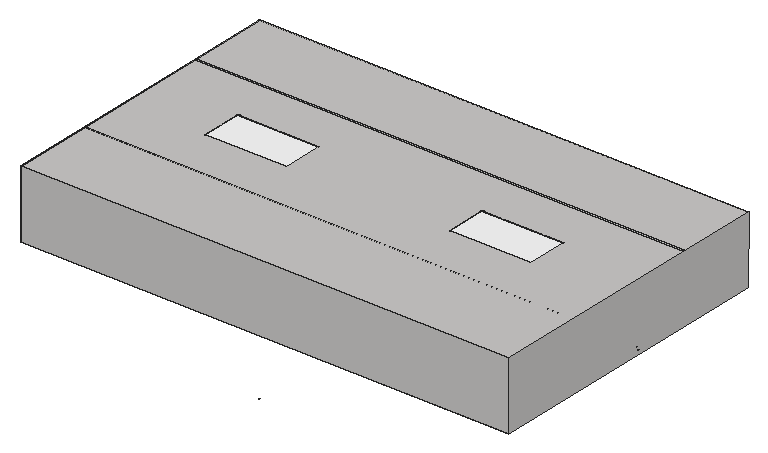
Revit family "QF_ELECTROLUXPROFESSIONAL_642046_EC2236T", category Specialty Equipment, Revit 2014
Reference planes
  plane 1: z = 0
  plane 2 "Center (Left/Right)": x = 150
  plane 3 "LEFT": x = -1650
  plane 4 "RIGHT": x = 1950
  plane 5 "BACK": y = 550
  plane 6 "TOP": z = 2500
  plane 7 "Base": z = 2000
  plane 8: z = 1946
  plane 9: x = -1647
  plane 10 "DrainX": x = 1799
  plane 11 "AOLeft2": x = -450
  plane 12 "AORight1": x = 750
  plane 13: x = 1947
  plane 14: x = -1450
  plane 15: x = 1750
  plane 16: x = 50
  plane 17: x = 250
  plane 18 "AOLeft1": x = -1050
  plane 19 "AORight2": x = 1350
  plane 20: y = -400
  plane 21: through (0, -127.846, 2402.468) normal (0, -0.753, 0.6581)
  plane 22: through (0, -972.152, 2402.468) normal (0, -0.753, -0.6581)
  plane 23: y = -700
  plane 24 "Center (Front/Back)": y = -550
  plane 25: y = -1650
Forms (mm)
  Extrusion 1, solid, material "QF_Finishes_Stainless Steel"
    sketch origin (-1650, 0, 360) x (0, 1, 0) y (0, 0, 1)
      loop
        line (550, 1640) -> (550, 2140) -> (-1650, 2140) -> (-1650, 1640) -> (550, 1640)
    from 0 to 3
  Extrusion 2, solid, material "QF_Finishes_Stainless Steel"
    sketch origin (1950, 0, 360) x (0, 1, 0) y (0, 0, 1)
      loop
        line (550, 1640) -> (550, 2140) -> (-1650, 2140) -> (-1650, 1640) -> (550, 1640)
    from 0 to -3
  Extrusion 3, solid, material "QF_Finishes_Stainless Steel"
    sketch origin (150, 0, 360) x (0, 1, 0) y (0, 0, 1)
      loop
        line (-1650, 2140) -> (-1650, 1640) -> (-1640, 1640) -> (-1640, 1640.8) -> (-1649.2, 1640.8) -> (-1649.2, 2139.19) -> (549.2, 2139.19) -> (549.2, 1640.8) -> (540, 1640.8) -> (540, 1640) -> (550, 1640) -> (550, 2140) -> (-1650, 2140)
    from -1800 to 1800
  Extrusion 4, void
    sketch origin (0, 0, 2500) x (0, 1, 0) y (-1, 0, 0)
      loop
        line (-400, 450) -> (-400, 1050) -> (-700, 1050) -> (-700, 450) -> (-400, 450)
    from 0 to -10
  Extrusion 5, solid, material "QF_Finishes_Stainless Steel"
    sketch origin (0, 0, 0) x (1, 0, 0) y (0, 1, 0)
      loop
        line (-1650, 550) -> (-1650, 549) -> (-1649, 549) -> (-1649, 550) -> (-1650, 550)
    from 0 to 1
  Extrusion 6, solid, material "QF_Finishes_Stainless Steel"
    sketch origin (150, -400, 360) x (0, 1, 0) y (0, 0, 1)
      loop
        line (-79.471, 1685.734) -> (-56.882, 1665.992) -> (272.154, 2042.468) -> (249.566, 2062.21) -> (-79.471, 1685.734)
      loop
        line (-572.152, 2042.468) -> (-243.115, 1665.992) -> (-220.526, 1685.734) -> (-549.563, 2062.21) -> (-572.152, 2042.468)
    from -1600 to -1797
  Extrusion 7, solid, material "QF_Finishes_Stainless Steel"
    sketch origin (150, -400, 360) x (0, 1, 0) y (0, 0, 1)
      loop
        line (360.354, 2141.454) -> (357.903, 2143.511) -> (264.331, 2031.996) -> (266.169, 2030.453) -> (357.41, 2139.19) -> (358.454, 2139.19) -> (360.354, 2141.454)
      loop
        line (-560.354, 2022.279) -> (-557.903, 2024.336) -> (-564.331, 2031.996) -> (-566.169, 2030.453) -> (-657.41, 2139.19) -> (-658.454, 2139.19) -> (-560.354, 2022.279)
      loop
        arc (-83.944, 1704.554) -> (-84.545, 1704.706) -> (-85.077, 1704.389) r 0.81
        line (-85.077, 1704.389) -> (-99.535, 1684.991) -> (-116.611, 1687.002) -> (-113.609, 1712.615) -> (-114.407, 1712.708) -> (-117.406, 1687.095)
        arc (-117.406, 1687.095) -> (-117.237, 1686.499) -> (-116.695, 1686.197) r 0.81
        line (-116.695, 1686.197) -> (-99.628, 1684.196)
        arc (-99.628, 1684.196) -> (-99.213, 1684.257) -> (-98.884, 1684.517) r 0.81
        line (-98.884, 1684.517) -> (-84.436, 1703.911) -> (-73.692, 1695.919) -> (-99.855, 1660.79) -> (-200.145, 1660.79) -> (-226.308, 1695.919) -> (-215.564, 1703.911) -> (-201.116, 1684.517)
        arc (-201.116, 1684.517) -> (-200.787, 1684.257) -> (-200.372, 1684.196) r 0.81
        line (-200.372, 1684.196) -> (-183.305, 1686.197)
        arc (-183.305, 1686.197) -> (-182.763, 1686.499) -> (-182.594, 1687.095) r 0.81
        line (-182.594, 1687.095) -> (-185.593, 1712.708) -> (-186.391, 1712.615) -> (-183.389, 1687.002) -> (-200.465, 1684.991) -> (-214.923, 1704.389)
        arc (-214.923, 1704.389) -> (-215.455, 1704.706) -> (-216.056, 1704.554) r 0.81
        line (-216.056, 1704.554) -> (-226.786, 1696.561)
        arc (-226.786, 1696.561) -> (-227.103, 1696.028) -> (-226.951, 1695.427) r 0.81
        line (-226.951, 1695.427) -> (-200.843, 1660.381)
        arc (-200.843, 1660.381) -> (-200.5, 1660.093) -> (-200.063, 1659.99) r 0.972
        line (-200.063, 1659.99) -> (-99.951, 1659.99)
        arc (-99.951, 1659.99) -> (-99.502, 1660.096) -> (-99.149, 1660.393) r 1
        line (-99.149, 1660.393) -> (-73.049, 1695.427)
        arc (-73.049, 1695.427) -> (-72.897, 1696.028) -> (-73.214, 1696.561) r 0.81
        line (-73.214, 1696.561) -> (-83.944, 1704.554)
    from -1797 to 1797
  Extrusion 8, solid, material "QF_Finishes_Stainless Steel"
    sketch origin (150, -400, 360) x (0, 1, 0) y (0, 0, 1)
      loop
        line (272.154, 2042.468) -> (249.566, 2062.21) -> (-79.471, 1685.734) -> (-56.882, 1665.992) -> (272.154, 2042.468)
      loop
        line (-572.154, 2042.468) -> (-243.118, 1665.992) -> (-220.529, 1685.734) -> (-549.566, 2062.21) -> (-572.154, 2042.468)
    from 1797 to 1600
  Extrusion 9, solid, material "QF_Finishes_Stainless Steel"
    sketch origin (150, -400, 360) x (0, 1, 0) y (0, 0, 1)
      loop
        line (272.154, 2042.468) -> (249.566, 2062.21) -> (-79.471, 1685.734) -> (-56.882, 1665.992) -> (272.154, 2042.468)
      loop
        line (-572.154, 2042.468) -> (-243.118, 1665.992) -> (-220.529, 1685.734) -> (-549.566, 2062.21) -> (-572.154, 2042.468)
    from -100 to 100
  Extrusion 10, solid, material "QF_Finished_Chrome"
    sketch origin (150, -400, 360) x (0, 1, 0) y (0, 0, 1)
      loop
        line (249.566, 2062.21) -> (-79.471, 1685.734) -> (-56.882, 1665.992) -> (272.154, 2042.468) -> (249.566, 2062.21)
      loop
        line (-549.566, 2062.21) -> (-572.154, 2042.468) -> (-243.118, 1665.992) -> (-220.529, 1685.734) -> (-549.566, 2062.21)
    from -1600 to -100
  Extrusion 11, solid, material "QF_Finished_Chrome"
    sketch origin (150, -400, 360) x (0, 1, 0) y (0, 0, 1)
      loop
        line (272.154, 2042.468) -> (249.566, 2062.21) -> (-79.471, 1685.734) -> (-56.882, 1665.992) -> (272.154, 2042.468)
      loop
        line (-572.154, 2042.468) -> (-243.118, 1665.992) -> (-220.529, 1685.734) -> (-549.566, 2062.21) -> (-572.154, 2042.468)
    from 100 to 1600
  Sweep 12, solid, material "QF_Finishes_Stainless Steel"
    path origin (0, 0, 0) x (1, 0, 0) y (0, 1, 0)
      loop
        line (1950, 550) -> (-1650, 550) -> (-1650, -1650) -> (1950, -1650) -> (1950, 550)
    profile origin (1950, -550, 0) x (1, 0, 0) y (0, 0, 1)
      loop
        line (-3, 2000) -> (-3, 2000.8) -> (-19, 2000.8) -> (-19, 2010) -> (-20, 2010) -> (-20, 2000) -> (-3, 2000)
  Extrusion 13, void
    sketch origin (0, 0, 2500) x (0, 1, 0) y (-1, 0, 0)
      loop
        line (-400, -1350) -> (-400, -750) -> (-700, -750) -> (-700, -1350) -> (-400, -1350)
    from 0 to -10
  Extrusion 14, solid, material "QF_Finishes_Stainless Steel"
    sketch origin (1799, 0, 0) x (0, 1, 0) y (0, 0, 1)
      loop
        arc (-518.5, 1946) -> (-511.429, 1948.929) -> (-508.5, 1956) r 10
        line (-508.5, 1956) -> (-508.5, 2000.8) -> (-591.5, 2000.8) -> (-591.5, 1956)
        arc (-591.5, 1956) -> (-588.571, 1948.929) -> (-581.5, 1946) r 10
        line (-581.5, 1946) -> (-518.5, 1946)
    from -90 to 90
  Extrusion 15, solid, material "QF_Finishes_Stainless Steel"
    sketch origin (0, -1100, 2000) x (0, 1, 0) y (-1, 0, 0)
      loop
        circle (550, -1799) r 6.35
    from -3.799 to 0
Cuts and joins
  Extrusion 4, Extrusion 13 cuts Extrusion 3
  joined: Extrusion 2, Extrusion 3, Sweep 12
Lines and regions (mm)
  symbolic lines, style "SpecialityEquipment", detail levels coarse
    curve 1: line (1950, 550, 2500) -> (-1650, 550, 2500)
    curve 2: line (-1650, 550, 2500) -> (-1650, -1640, 2500)
    curve 3: line (1950, -1650, 2500) -> (1950, 550, 2500)
    curve 4: line (-1650, 550, 0) -> (1950, -1650, 0)
    curve 5: line (1950, 550, 0) -> (-1647, -1650, 0)
  symbolic lines, detail levels coarse
    curve 6: line (-1647, -1650, 0) -> (1950, -1650, 0)
    curve 7: line (-1050, -700, 0) -> (-450, -700, 0)
    curve 8: line (-1050, -400, 0) -> (-1050, -700, 0)
    curve 9: line (-450, -400, 0) -> (-1050, -400, 0)
    curve 10: line (-450, -700, 0) -> (-450, -400, 0)
    curve 11: line (750, -400, 0) -> (750, -700, 0)
    curve 12: line (1350, -400, 0) -> (750, -400, 0)
    curve 13: line (1350, -700, 0) -> (1350, -400, 0)
    curve 14: line (750, -700, 0) -> (1350, -700, 0)
Dimensions and locks
  plane 3 "LEFT" to plane 4 "RIGHT" = 3600 mm
  equal spacing: plane 3 "LEFT", plane 2 "Center (Left/Right)", plane 4 "RIGHT"
  plane 3 "LEFT" to plane 9 = 3 mm
  plane 10 "DrainX" to plane 4 "RIGHT" = 151 mm
  plane 13 to plane 4 "RIGHT" = 3 mm
  plane 3 "LEFT" to plane 14 = 200 mm
  plane 15 to plane 4 "RIGHT" = 200 mm
  locked: plane 11 "AOLeft2" to plane 12 "AORight1" at 1200
  equal spacing: plane 11 "AOLeft2", plane 2 "Center (Left/Right)", plane 12 "AORight1"
  locked: plane 7 "Base" to level at 2000
  locked: plane 16 to plane 17 at 200
  equal spacing: plane 16, plane 2 "Center (Left/Right)", plane 17
  plane 18 "AOLeft1" to plane 11 "AOLeft2" = 600 mm
  plane 12 "AORight1" to plane 19 "AORight2" = 600 mm
  plane 7 "Base" to plane 8 = 54 mm
  locked: plane 6 "TOP" to plane 7 "Base" at 500
  plane 5 "BACK" to plane 25 = 2200 mm  (x2)
  equal spacing: plane 5 "BACK", plane 24 "Center (Front/Back)", plane 25
  plane 23 to plane 20 = 300 mm
  equal spacing: plane 23, plane 24 "Center (Front/Back)", plane 20
  aligned and locked: level to plane 1
  aligned and locked: plane 4 "RIGHT" to Extrusion 3
  aligned and locked: Extrusion 3 to plane 3 "LEFT"
  aligned and locked: Extrusion 6 to plane 9
  aligned and locked: plane 14 to Extrusion 6
  aligned and locked: Extrusion 2 to plane 13
  aligned and locked: plane 13 to Extrusion 8
  aligned and locked: plane 15 to Extrusion 8
  aligned and locked: plane 17 to Extrusion 9
  aligned and locked: Extrusion 9 to plane 16
  aligned and locked: plane 16 to Extrusion 10
  aligned and locked: Extrusion 10 to plane 14
  aligned and locked: Extrusion 11 to plane 17
  aligned and locked: Extrusion 11 to plane 15
  aligned and locked: Extrusion 7 to plane 9
  aligned and locked: Extrusion 7 to plane 13
  aligned and locked: Extrusion 4 to plane 18 "AOLeft1"
  aligned and locked: Extrusion 4 to plane 11 "AOLeft2"
  aligned and locked: plane 12 "AORight1" to Extrusion 13
  aligned and locked: plane 19 "AORight2" to Extrusion 13
  aligned and locked: plane 23 to Extrusion 13
  aligned and locked: plane 23 to Extrusion 4
  aligned and locked: plane 20 to Extrusion 13
  aligned and locked: plane 20 to Extrusion 4
  aligned and locked: curve 7 to Extrusion 4
  aligned and locked: curve 8 to Extrusion 4
  aligned and locked: curve 9 to Extrusion 4
  aligned and locked: curve 10 to Extrusion 4
  aligned and locked: curve 11 to Extrusion 13
  aligned and locked: curve 12 to Extrusion 13
  aligned and locked: curve 13 to Extrusion 13
  aligned and locked: curve 14 to Extrusion 13
Automatic sketch dimensions
  Extrusion 1 sketch curve to plane 7 "Base" = 0 mm
  Extrusion 1 sketch curve to plane 5 "BACK" = 0 mm
  Extrusion 1 sketch curve to plane 6 "TOP" = 0 mm
  Extrusion 2 sketch curve to plane 7 "Base" = 0 mm
  Extrusion 2 sketch curve to plane 5 "BACK" = 0 mm
  Extrusion 2 sketch curve to plane 6 "TOP" = 0 mm
  Extrusion 3 sketch curve to plane 6 "TOP" = 0 mm
  Extrusion 3 sketch curve to plane 7 "Base" = 0 mm  (x2)
  Extrusion 3 sketch curve to plane 5 "BACK" = 0 mm
  Extrusion 3 sketch curve to Extrusion 3 sketch curve = 9.2 mm
  plane 7 "Base" to Extrusion 3 sketch curve = 0.8 mm  (x2)
  Extrusion 3 sketch curve to plane 5 "BACK" = 10 mm
  Extrusion 3 sketch curve to plane 5 "BACK" = 0.8 mm
  Extrusion 3 sketch curve to plane 6 "TOP" = 0.81 mm
  Extrusion 4 sketch curve to plane 11 "AOLeft2" = 0 mm
  Extrusion 4 sketch curve to plane 18 "AOLeft1" = 0 mm
  Extrusion 5 sketch curve to plane 3 "LEFT" = 0 mm
  Extrusion 5 sketch curve to plane 5 "BACK" = 0 mm
  plane 3 "LEFT" to Extrusion 5 sketch curve = 1 mm
  Extrusion 5 sketch curve to Extrusion 5 sketch curve = 1 mm
  Sweep 12 sketch curve to plane 3 "LEFT" = 0 mm
  Sweep 12 sketch curve to plane 4 "RIGHT" = 0 mm
  Sweep 12 sketch curve to plane 5 "BACK" = 0 mm
  profile plane to Sweep 12 sketch curve = 20 mm
  Sweep 12 sketch curve to Sweep 12 sketch curve = 1 mm
  profile plane to Sweep 12 sketch curve = 3 mm
  level to Sweep 12 sketch curve = 2000 mm
  Sweep 12 sketch curve to Sweep 12 sketch curve = 0.8 mm
  Sweep 12 sketch curve to Sweep 12 sketch curve = 9.2 mm
  Extrusion 13 sketch curve to plane 11 "AOLeft2" = 1800 mm
  plane 18 "AOLeft1" to Extrusion 13 sketch curve = 1800 mm
  Extrusion 13 sketch curve to Extrusion 13 sketch curve = 300 mm
  Extrusion 3 sketch curve to Extrusion 3 sketch curve = 0.8 mm
  Extrusion 6 sketch curve to plane 21 = 0 mm  (x2)
  Extrusion 6 sketch curve to plane 6 "TOP" = 77.79 mm  (x2)
  plane 7 "Base" to Extrusion 6 sketch curve = 25.992 mm  (x2)
  plane 7 "Base" to Extrusion 6 sketch curve = 45.734 mm
  Extrusion 6 sketch curve to plane 22 = 0 mm
  plane 22 to Extrusion 6 sketch curve = 0 mm
  Extrusion 10 sketch curve to plane 21 = 0 mm  (x2)
  Extrusion 10 sketch curve to plane 6 "TOP" = 77.79 mm  (x2)
  Extrusion 10 sketch curve to Extrusion 10 sketch curve = 22.589 mm
  plane 7 "Base" to Extrusion 10 sketch curve = 25.992 mm  (x2)
  Extrusion 9 sketch curve to plane 21 = 0 mm  (x2)
  Extrusion 9 sketch curve to plane 6 "TOP" = 77.79 mm  (x2)
  Extrusion 9 sketch curve to Extrusion 9 sketch curve = 22.589 mm
  plane 7 "Base" to Extrusion 9 sketch curve = 25.992 mm  (x2)
  Extrusion 11 sketch curve to plane 21 = 0 mm  (x2)
  Extrusion 11 sketch curve to plane 6 "TOP" = 77.79 mm  (x2)
  Extrusion 11 sketch curve to Extrusion 11 sketch curve = 22.589 mm
  plane 7 "Base" to Extrusion 11 sketch curve = 25.992 mm  (x2)
  Extrusion 8 sketch curve to plane 21 = 0 mm  (x2)
  Extrusion 8 sketch curve to plane 6 "TOP" = 77.79 mm  (x2)
  Extrusion 8 sketch curve to Extrusion 8 sketch curve = 22.589 mm
  plane 7 "Base" to Extrusion 8 sketch curve = 25.992 mm  (x2)
  plane 7 "Base" to Extrusion 8 sketch curve = 45.734 mm
  plane 7 "Base" to Extrusion 9 sketch curve = 45.734 mm
  plane 7 "Base" to Extrusion 10 sketch curve = 45.734 mm
  plane 7 "Base" to Extrusion 11 sketch curve = 45.734 mm
  Extrusion 13 sketch curve to plane 20 = 0 mm
  plane 23 to Extrusion 1 sketch curve = 950 mm
  plane 23 to Extrusion 2 sketch curve = 950 mm
  plane 23 to Extrusion 3 sketch curve = 940 mm
  plane 23 to Sweep 12 sketch curve = 950 mm
  plane 23 to Extrusion 4 sketch curve = 0 mm
  Extrusion 4 sketch curve to plane 20 = 0 mm
  plane 23 to Extrusion 6 sketch curve = 249.563 mm
  Extrusion 8 sketch curve to plane 23 = 79.471 mm
  plane 23 to Extrusion 8 sketch curve = 249.566 mm
  Extrusion 9 sketch curve to plane 23 = 79.471 mm
  plane 23 to Extrusion 9 sketch curve = 249.566 mm
  Extrusion 10 sketch curve to plane 23 = 79.471 mm
  plane 23 to Extrusion 10 sketch curve = 249.566 mm
  Extrusion 11 sketch curve to plane 23 = 79.471 mm
  plane 23 to Extrusion 11 sketch curve = 249.566 mm
  Extrusion 15 sketch curve to plane 10 "DrainX" = 0 mm
  Extrusion 15 sketch curve to plane 24 "Center (Front/Back)" = 0 mm
  Extrusion 14 sketch curve to plane 8 = 0 mm
  plane 8 to Extrusion 14 sketch curve = 10 mm
  Extrusion 14 sketch curve to plane 24 "Center (Front/Back)" = 41.5 mm
  plane 24 "Center (Front/Back)" to Extrusion 14 sketch curve = 31.5 mm
  plane 7 "Base" to Extrusion 14 sketch curve = 0.8 mm
  plane 24 "Center (Front/Back)" to Extrusion 14 sketch curve = 41.5 mm
  Extrusion 7 sketch curve to plane 6 "TOP" = 0.81 mm  (x2)
  plane 23 to Extrusion 7 sketch curve = 358.454 mm
  Extrusion 7 sketch curve to Extrusion 7 sketch curve = 1.044 mm  (x2)
  Extrusion 7 sketch curve to plane 6 "TOP" = 109.547 mm  (x2)
  Extrusion 7 sketch curve to Extrusion 7 sketch curve = 91.241 mm
  Extrusion 7 sketch curve to plane 6 "TOP" = 108.004 mm  (x2)
  Extrusion 7 sketch curve to plane 6 "TOP" = 117.721 mm
  Extrusion 7 sketch curve to plane 23 = 73.049 mm
  Extrusion 7 sketch curve to Extrusion 7 sketch curve = 0.166 mm
  Extrusion 7 sketch curve to Extrusion 7 sketch curve = 0.478 mm  (x4)
  Extrusion 7 sketch curve to Extrusion 7 sketch curve = 0.006 mm  (x4)
  Extrusion 7 sketch curve to Extrusion 7 sketch curve = 10.73 mm  (x2)
  Extrusion 7 sketch curve to Extrusion 7 sketch curve = 0.484 mm  (x4)
  Extrusion 7 sketch curve to Extrusion 7 sketch curve = 0.008 mm  (x4)
  Extrusion 7 sketch curve to Extrusion 7 sketch curve = 0.641 mm  (x2)
  Extrusion 7 sketch curve to Extrusion 7 sketch curve = 14.448 mm
  plane 7 "Base" to Extrusion 7 sketch curve = 20.381 mm
  Extrusion 7 sketch curve to Extrusion 7 sketch curve = 0.273 mm
  Extrusion 7 sketch curve to Extrusion 7 sketch curve = 0.65 mm  (x2)
  Extrusion 7 sketch curve to Extrusion 7 sketch curve = 0.001 mm  (x4)
  Extrusion 7 sketch curve to Extrusion 7 sketch curve = 0.093 mm  (x2)
  plane 7 "Base" to Extrusion 7 sketch curve = 20.79 mm
  Extrusion 7 sketch curve to Extrusion 7 sketch curve = 0.698 mm
  Extrusion 7 sketch curve to Extrusion 7 sketch curve = 0.081 mm
  Extrusion 7 sketch curve to Extrusion 7 sketch curve = 28.531 mm
  Extrusion 7 sketch curve to Extrusion 7 sketch curve = 0.799 mm  (x2)
  Extrusion 7 sketch curve to Extrusion 7 sketch curve = 17.067 mm  (x2)
  Extrusion 7 sketch curve to Extrusion 7 sketch curve = 0.01 mm  (x4)
  Extrusion 7 sketch curve to Extrusion 7 sketch curve = 0.094 mm
  Extrusion 7 sketch curve to Extrusion 7 sketch curve = 0.795 mm  (x2)
  plane 24 "Center (Front/Back)" to Extrusion 7 sketch curve = 32.594 mm
  Extrusion 7 sketch curve to Extrusion 7 sketch curve = 0.71 mm
  Extrusion 7 sketch curve to Extrusion 7 sketch curve = 2.998 mm
  Extrusion 7 sketch curve to Extrusion 7 sketch curve = 16.745 mm
  Extrusion 7 sketch curve to Extrusion 7 sketch curve = 0.095 mm
  plane 7 "Base" to Extrusion 7 sketch curve = 20.393 mm
  Extrusion 7 sketch curve to Extrusion 7 sketch curve = 0.707 mm
  Extrusion 7 sketch curve to Extrusion 7 sketch curve = 0.651 mm
  Extrusion 7 sketch curve to Extrusion 7 sketch curve = 14.456 mm
  plane 20 to Extrusion 7 sketch curve = 264.331 mm
  plane 6 "TOP" to Extrusion 7 sketch curve = 3.511 mm
  Extrusion 7 sketch curve to Extrusion 7 sketch curve = 0.8 mm
  Extrusion 7 sketch curve to Extrusion 7 sketch curve = 23.206 mm
  Extrusion 7 sketch curve to Extrusion 7 sketch curve = 23.234 mm
  Extrusion 7 sketch curve to Extrusion 7 sketch curve = 0.321 mm  (x2)
  Extrusion 7 sketch curve to Extrusion 7 sketch curve = 2.001 mm  (x2)
  Extrusion 7 sketch curve to Extrusion 7 sketch curve = 0.804 mm  (x2)
  Extrusion 7 sketch curve to Extrusion 7 sketch curve = 10.911 mm  (x2)
  Extrusion 7 sketch curve to Extrusion 7 sketch curve = 7.993 mm  (x2)
  Extrusion 7 sketch curve to Extrusion 7 sketch curve = 25.613 mm  (x2)
  Extrusion 7 sketch curve to Extrusion 7 sketch curve = 1.839 mm
  curve 4 to plane 3 "LEFT" = 0 mm
  curve 6 to plane 9 = 0 mm
  curve 6 to plane 4 "RIGHT" = 0 mm
  curve 5 to plane 4 "RIGHT" = 0 mm
  curve 4 to plane 25 = 0 mm
  curve 4 to plane 5 "BACK" = 0 mm
  curve 5 to plane 5 "BACK" = 0 mm
  curve 3 to plane 4 "RIGHT" = 0 mm
  curve 3 to plane 25 = 0 mm
  curve 2 to plane 3 "LEFT" = 0 mm
  curve 2 to plane 5 "BACK" = 0 mm
  plane 25 to curve 2 = 10 mm
  radius of Extrusion 15 sketch curve = 6.35 mm
Connectors
  hvac at (-750, -550, 2500)
    settings: on Extrusion 4, index 2, duct flow 0.0 L/s, flow factor 0, pres drop 0.0 Pa, loss coef 0, conn angle 0.00°, conn width 300 mm, conn height 600 mm, conn diameter 609.6 mm, duct sys type 3, conn prof type 1, flow config 1, flow direction 2, loss method 0, conn ref index -1, conn util no, is conn primary yes, conn desc "EXHAUST OUTLET"
  hvac at (1050, -550, 2500)
    settings: on Extrusion 13, index 3, duct flow 0.0 L/s, flow factor 0, pres drop 0.0 Pa, loss coef 0, conn angle 0.00°, conn width 300 mm, conn height 600 mm, conn diameter 609.6 mm, duct sys type 3, conn prof type 1, flow config 1, flow direction 2, loss method 0, conn ref index -1, conn util no, is conn primary no, conn desc "EXHAUST OUTLET"
  piping at (1799, -550, 1996.201), diameter 12.7
    settings: on Extrusion 15, index 4, connector inside diameter 609.6 mm, connector length 0 mm, flow factor 0, pipe flow 0.0 L/s, pressure drop 0.0 Pa, fitting loss kfactor 0, connector angle 0.00°, fixture units 0, engagement length 0 mm, angle of deflection 0.00°, flow configuration 1, flow direction 2, fitting loss method 0, system type 16, joint type 0, gender type 0, connector reference index -1, connector utility 0, adjustable connector no, is connector primary yes, connector description "Drain"
